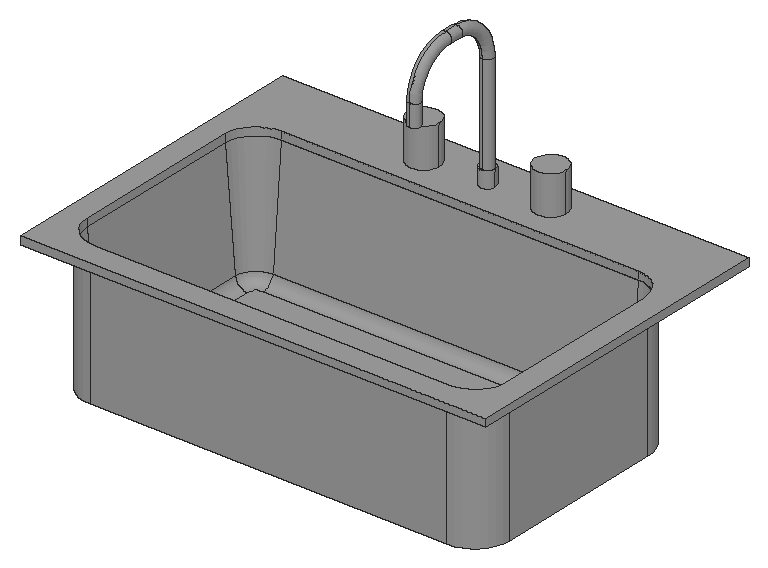
Revit family
Parameters (values of type "760 x 535mm")
  Counter Height = 900.00 mm
  Depth = 535.00 mm
  Fixture Material = Metal - Steel, Polished
  Sink Material = Metal - Steel, Polished
  Width = 760.00 mm
Reference planes
  plane 1 "Center (Front/Back)": y = 2.345
  plane 2: z = 0
  plane 3 "Center (Left/Right)": x = 15.689
  plane 4: y = 269.845
  plane 5: y = -265.155
  plane 6: x = -364.311
  plane 7: x = 395.689
  plane 8 "Top Of Counter": z = 900
  plane 9: z = 912.7
  plane 10: z = 684.1
  plane 11: y = 155.545
  plane 12: x = -326.211
  plane 13: y = -227.055
  plane 14: x = 357.589
  plane 15: x = -85.911
  plane 16: x = 117.289
  plane 17: y = 212.695
  plane 18: y = 212.695
  plane 19: y = 212.695
  plane 20: z = 1163.525
  plane 21: y = 63.47
  plane 22: z = 976.2
  plane 23: z = 938.1
Forms (mm)
  Extrusion 1, solid, material "Metal - Steel, Polished" <- "Sink Material"
    sketch origin (0, 0, 0) x (1, 0, 0) y (0, 1, 0)
      loop
        line (-364.311, 269.845) -> (-364.311, -265.155) -> (395.689, -265.155) -> (395.689, 269.845) -> (-364.311, 269.845)
      loop
        arc (-275.411, 155.545) -> (-311.332, 140.666) -> (-326.211, 104.745) r 50.8
        line (-326.211, 104.745) -> (-326.211, -176.255)
        arc (-326.211, -176.255) -> (-311.332, -212.176) -> (-275.411, -227.055) r 50.8
        line (-275.411, -227.055) -> (306.789, -227.055)
        arc (306.789, -227.055) -> (342.71, -212.176) -> (357.589, -176.255) r 50.8
        line (357.589, -176.255) -> (357.589, 104.745)
        arc (357.589, 104.745) -> (342.71, 140.666) -> (306.789, 155.545) r 50.8
        line (306.789, 155.545) -> (-275.411, 155.545)
    from 900 to 912.7
  Sweep 2, solid, material "Metal - Steel, Polished" <- "Sink Material"
    path origin (0, 0, 0) x (1, 0, 0) y (0, 1, 0)
      loop
        arc (-275.411, 155.545) -> (-311.332, 140.666) -> (-326.211, 104.745) r 50.8
        line (-326.211, 104.745) -> (-326.211, -176.255)
        arc (-326.211, -176.255) -> (-311.332, -212.176) -> (-275.411, -227.055) r 50.8
        line (-275.411, -227.055) -> (306.789, -227.055)
        arc (306.789, -227.055) -> (342.71, -212.176) -> (357.589, -176.255) r 50.8
        line (357.589, -176.255) -> (357.589, 104.745)
        arc (357.589, 104.745) -> (342.71, 140.666) -> (306.789, 155.545) r 50.8
        line (306.789, 155.545) -> (-275.411, 155.545)
    profile origin (15.689, 0, 0) x (0, 1, 0) y (0, 0, 1)
      loop
        line (155.545, 900) -> (139.011, 711.015)
        arc (139.011, 711.015) -> (132.904, 698.63) -> (120.034, 693.625) r 19.05
        line (120.034, 693.625) -> (117.445, 693.625) -> (117.445, 684.1) -> (161.895, 684.1) -> (161.895, 900) -> (155.545, 900)
  Extrusion 3, solid, material "Metal - Steel, Polished" <- "Sink Material"
    sketch origin (0, 0, 0) x (1, 0, 0) y (0, 1, 0)
      loop
        arc (-275.411, 117.445) -> (-284.391, 113.726) -> (-288.111, 104.745) r 12.7
        line (-288.111, 104.745) -> (-288.111, -176.255)
        arc (-288.111, -176.255) -> (-284.391, -185.235) -> (-275.411, -188.955) r 12.7
        line (-275.411, -188.955) -> (306.789, -188.955)
        arc (306.789, -188.955) -> (315.769, -185.235) -> (319.489, -176.255) r 12.7
        line (319.489, -176.255) -> (319.489, 104.745)
        arc (319.489, 104.745) -> (315.769, 113.726) -> (306.789, 117.445) r 12.7
        line (306.789, 117.445) -> (-275.411, 117.445)
      loop
        circle (15.689, 0) r 25.4
    from 684.1 to 693.625
  Extrusion 4, solid, material "Metal - Steel, Polished" <- "Fixture Material"
    sketch origin (0, 0, 0) x (1, 0, 0) y (0, 1, 0)
      loop
        circle (-85.911, 209.617) r 25.4
      loop
        circle (117.289, 214.813) r 25.4
    from 912.7 to 976.2
  Sweep 5, solid, material "Metal - Steel, Polished" <- "Fixture Material"
    path origin (15.689, 0, 0) x (0, 1, 0) y (0, 0, 1)
      loop
        line (212.695, 912.7) -> (212.695, 1100.025)
        arc (212.695, 1100.025) -> (194.097, 1144.926) -> (149.195, 1163.525) r 63.5
        line (149.195, 1163.525) -> (126.97, 1163.525)
        arc (126.97, 1163.525) -> (82.069, 1144.926) -> (63.47, 1100.025) r 63.5
        line (63.47, 1100.025) -> (63.47, 1065.1)
    profile origin (15.689, 0, 1006.363) x (0, -1, 0) y (1, 0, 0)
      loop
        circle (-212.695, 0) r 9.525
  Extrusion 6, solid, material "Metal - Steel, Polished" <- "Fixture Material"
    sketch origin (0, 0, 0) x (1, 0, 0) y (0, 1, 0)
      loop
        circle (15.689, 212.695) r 12.7
    from 912.7 to 938.1
Cuts and joins
  joined: Sweep 5, Extrusion 6
  joined: Sweep 2, Extrusion 3
Lines and regions (mm)
  symbolic lines
    curve 1: line (395.689, 269.845, 0) -> (-364.311, 269.845, 0)
    curve 2: line (395.689, -265.155, 0) -> (395.689, 269.845, 0)
    curve 3: line (-364.311, -265.155, 0) -> (395.689, -265.155, 0)
    curve 4: line (-364.311, 269.845, 0) -> (-364.311, -265.155, 0)
    curve 5: arc (41.089, 0, 0) -> (15.689, 25.4, 0) -> (-9.711, 0, 0) r 25.4
    curve 6: arc (-9.711, 0, 0) -> (15.689, -25.4, 0) -> (41.089, 0, 0) r 25.4
    curve 7: line (-326.211, 104.745, 0) -> (-326.211, -176.255, 0)
    curve 8: line (-275.411, -227.055, 0) -> (306.789, -227.055, 0)
    curve 9: line (357.589, -176.255, 0) -> (357.589, 104.745, 0)
    curve 10: line (306.789, 155.545, 0) -> (28.389, 155.545, 0)
    curve 11: arc (357.589, 104.745, 0) -> (342.71, 140.666, 0) -> (306.789, 155.545, 0) r 50.8
    curve 12: arc (306.789, -227.055, 0) -> (342.71, -212.176, 0) -> (357.589, -176.255, 0) r 50.8
    curve 13: arc (-326.211, -176.255, 0) -> (-311.332, -212.176, 0) -> (-275.411, -227.055, 0) r 50.8
    curve 14: arc (-275.411, 155.545, 0) -> (-311.332, 140.666, 0) -> (-326.211, 104.745, 0) r 50.8
    curve 15: arc (-60.511, 209.617, 0) -> (-85.911, 235.017, 0) -> (-111.311, 209.617, 0) r 25.4
    curve 16: arc (142.689, 214.813, 0) -> (117.289, 240.213, 0) -> (91.889, 214.813, 0) r 25.4
    curve 17: arc (-111.311, 209.617, 0) -> (-85.911, 184.217, 0) -> (-60.511, 209.617, 0) r 25.4
    curve 18: arc (91.889, 214.813, 0) -> (117.289, 189.413, 0) -> (142.689, 214.813, 0) r 25.4
    curve 19: arc (28.389, 212.695, 0) -> (15.689, 225.395, 0) -> (2.989, 212.695, 0) r 12.7
    curve 20: line (2.989, 212.695, 0) -> (2.989, 53.145, 0)
    curve 21: line (28.389, 212.695, 0) -> (28.389, 53.145, 0)
    curve 22: arc (28.389, 53.145, 0) -> (15.689, 40.445, 0) -> (2.989, 53.145, 0) r 12.7
    curve 23: line (2.989, 155.545, 0) -> (-275.411, 155.545, 0)
Dimensions and locks
  equal spacing: plane 6, plane 3 "Center (Left/Right)", plane 7
  "Width": plane 6 to plane 7
  equal spacing: plane 5, plane 1 "Center (Front/Back)", plane 4
  "Depth": plane 5 to plane 4
  "Counter Height": plane 8 "Top Of Counter" to plane 2
  locked: plane 9 to plane 8 "Top Of Counter" at 12.7
  locked: plane 8 "Top Of Counter" to plane 10 at 215.9
  locked: plane 6 to plane 12 at 38.1
  locked: plane 14 to plane 7 at 38.1
  locked: plane 11 to plane 4 at 114.3
  locked: plane 5 to plane 13 at 38.1
  equal spacing: plane 11, plane 17, plane 4
  equal spacing: plane 11, plane 18, plane 4
  equal spacing: plane 4, plane 19, plane 11
  locked: plane 19 to plane 21 at 149.225
  locked: plane 20 to plane 9 at 250.825
  locked: plane 22 to plane 9 at 63.5
  locked: plane 23 to plane 9 at 25.4
  aligned and locked: Extrusion 1 sketch curve to plane 5
  aligned and locked: plane 7 to Extrusion 1 sketch curve
  aligned and locked: plane 4 to Extrusion 1 sketch curve
  aligned and locked: Extrusion 1 sketch curve to plane 6
  aligned and locked: plane 8 "Top Of Counter" to Extrusion 1
  aligned and locked: Extrusion 1 to plane 9
  aligned and locked: plane 11 to Extrusion 1 sketch curve
  aligned and locked: plane 14 to Extrusion 1 sketch curve
  aligned and locked: Extrusion 1 sketch curve to plane 12
  aligned and locked: Extrusion 1 sketch curve to plane 13
  aligned and locked: plane 11 to Sweep 2 sketch curve
  aligned and locked: plane 14 to Sweep 2 sketch curve
  aligned and locked: Sweep 2 sketch curve to plane 12
  aligned and locked: Sweep 2 sketch curve to plane 13
  aligned and locked: Sweep 2 to Extrusion 3 sketch curve  (x4)
  aligned and locked: Sweep 2 to Extrusion 3
  aligned and locked: plane 10 to Extrusion 3
  aligned and locked: Sweep 2 sketch curve to plane 10
  aligned and locked: plane 8 "Top Of Counter" to Sweep 2 sketch curve
  aligned and locked: Extrusion 4 to Extrusion 1
  aligned and locked: Extrusion 6 to Extrusion 1
  aligned and locked: Sweep 5 sketch curve to plane 19
  aligned and locked: plane 20 to Sweep 5 sketch curve
  aligned and locked: plane 21 to Sweep 5 sketch curve
  aligned and locked: Extrusion 4 to plane 22
  aligned and locked: Extrusion 6 to plane 23
Automatic sketch dimensions
  Sweep 2 sketch curve to plane 12 = 50.80 mm
  Sweep 2 sketch curve to Sweep 2 sketch curve = 50.80 mm
  plane 11 to Sweep 2 sketch curve = 50.80 mm
  plane 14 to Sweep 2 sketch curve = 50.80 mm
  Extrusion 1 sketch curve to plane 12 = 50.80 mm  (x2)
  plane 14 to Extrusion 1 sketch curve = 50.80 mm  (x2)
  Extrusion 3 sketch curve to plane 3 "Center (Left/Right)" = 0.00 mm
  Extrusion 3 sketch curve to Extrusion 3 sketch curve = 12.70 mm  (x4)
  plane 1 "Center (Front/Back)" to Extrusion 3 sketch curve = 2.345 mm
  Extrusion 3 sketch curve to plane 3 "Center (Left/Right)" = 25.40 mm
  Sweep 2 sketch curve to profile plane = 0.00 mm
  profile plane to Sweep 2 sketch curve = 16.534 mm
  Sweep 2 sketch curve to Sweep 2 sketch curve = 18.978 mm
  Sweep 2 sketch curve to Sweep 2 sketch curve = 2.588 mm
  Sweep 2 sketch curve to profile plane = 6.35 mm
  Sweep 2 sketch curve to Sweep 2 sketch curve = 9.525 mm
  Sweep 2 sketch curve to Sweep 2 sketch curve = 17.39 mm
  Extrusion 4 sketch curve to plane 15 = 0.00 mm
  Extrusion 4 sketch curve to plane 16 = 0.00 mm
  plane 17 to Extrusion 4 sketch curve = 3.079 mm
  plane 15 to Extrusion 4 sketch curve = 25.40 mm
  Extrusion 4 sketch curve to plane 17 = 2.118 mm
  plane 16 to Extrusion 4 sketch curve = 25.40 mm
  Sweep 5 sketch curve to plane 3 "Center (Left/Right)" = 0.00 mm
  Sweep 5 sketch curve to profile plane = 0.00 mm
  profile plane to Sweep 5 sketch curve = 9.525 mm
  Extrusion 6 sketch curve to plane 18 = 0.00 mm
  Extrusion 6 sketch curve to plane 3 "Center (Left/Right)" = 0.00 mm
  Extrusion 6 sketch curve to plane 3 "Center (Left/Right)" = 12.70 mm
  Sweep 5 sketch curve to plane 9 = 0.00 mm
  Sweep 5 sketch curve to Sweep 5 sketch curve = 63.50 mm
  plane 11 to Sweep 5 sketch curve = 6.35 mm
  Sweep 5 sketch curve to Sweep 5 sketch curve = 34.925 mm
  curve 1 to plane 4 = 0.00 mm
  curve 1 to plane 6 = 0.00 mm
  curve 7 to plane 12 = 0.00 mm
  curve 14 to plane 11 = 0.00 mm
  curve 8 to plane 13 = 0.00 mm
  curve 5 to plane 3 "Center (Left/Right)" = 0.00 mm
  curve 19 to plane 3 "Center (Left/Right)" = 0.00 mm
  curve 12 to plane 14 = 0.00 mm
  curve 1 to plane 7 = 0.00 mm
  curve 3 to plane 5 = 0.00 mm
  curve 7 to curve 13 = 50.80 mm
  curve 14 to plane 12 = 50.80 mm
  curve 15 to plane 3 "Center (Left/Right)" = 127.00 mm
  curve 15 to curve 17 = 25.40 mm
  plane 1 "Center (Front/Back)" to curve 5 = 2.345 mm
  curve 5 to plane 3 "Center (Left/Right)" = 25.40 mm
  curve 19 to curve 19 = 12.70 mm
  curve 19 to curve 18 = 63.50 mm
  curve 16 to curve 16 = 25.40 mm
  plane 14 to curve 12 = 50.80 mm
  plane 14 to curve 10 = 50.80 mm
  curve 22 to plane 1 "Center (Front/Back)" = 50.80 mm
  plane 4 to curve 17 = 60.229 mm
  plane 4 to curve 21 = 57.15 mm
  plane 4 to curve 16 = 55.032 mm
  curve 10 to plane 11 = 0.00 mm
